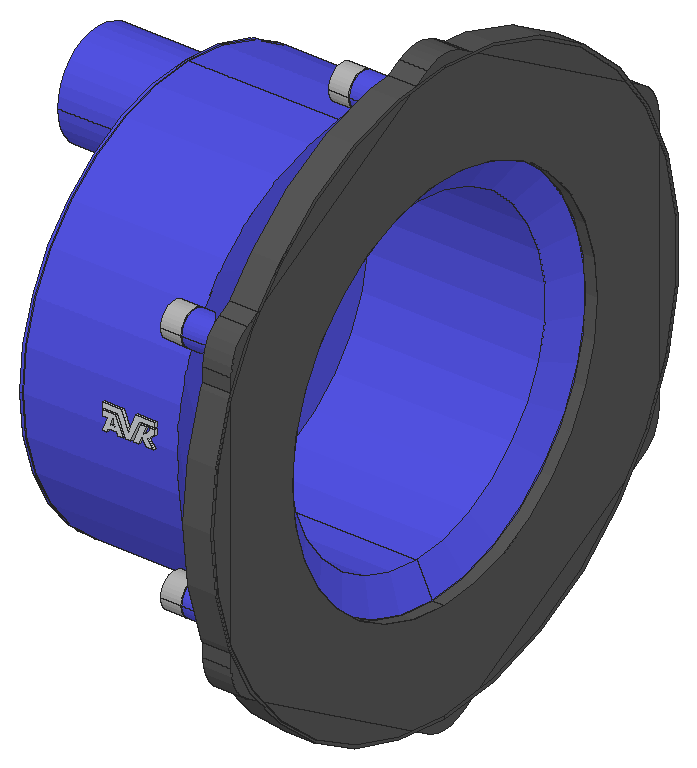
Revit family "634-00-001 DN200-250", category Pipe Accessories, Revit 2022
Family settings
  Round Connector Dimension = Use Diameter
  Part Type = Valve - Breaks Into
  Work Plane-Based = No
  Always vertical = Yes
  Cut with Voids When Loaded = No
  Shared = No
Parameters (values of type "DN250_PN16_AVK ref. no. 634-301-00-036")
  URL product pages = "https://www.avkvalves.com/P.aspx?no=63407100016"
  Thickness = 0 mm
  Search_table = "634-00-001 DN200-250"
  S2 = size_lookup(Search_table, "S2", 0 mm, DN) / 2  # 150.5 mm
  S1 = size_lookup(Search_table, "S1", 0 mm, DN) / 2  # 133 mm
  Radius = size_lookup(Search_table, "Radius", 0 mm, DN)  # 33 mm
  Nut = D2_L * 0.2  # 16.2 mm
  L1 = L * 0.5  # 68 mm
  L-L1 = 40.5 mm  # constant formula
  L = size_lookup(Search_table, "L", 0 mm, DN) / 2  # 136 mm
  FL_T = size_lookup(Search_table, "FL_T", 0 mm, DN)  # 22 mm
  Description_ = "AVK SUPA MAXI™ END CAP, PN16"
  Default Elevation = 0 mm
  DN250_PN16_AVK ref. no. 634-301-00-036 = "634-301-00-036"
  DN250_PN16_AVK ref. no. 634-301-00-016 = "634-301-00-016"
  DN225_PN16_AVK ref. no. 634-257-00-036 = "634-257-00-036"
  DN225_PN16_AVK ref. no. 634-257-00-016 = "634-257-00-016"
  DN200_PN16_AVK ref. no. 634-227-00-036 = "634-227-00-036"
  DN200_PN16_AVK ref. no. 634-227-00-016 = "634-227-00-016"
  DN = 250.2 mm
  D2_L = size_lookup(Search_table, "D2_L", 0 mm, DN)  # 81 mm
  D2 = size_lookup(Search_table, "D2", 0 mm, DN) / 2  # 40.5 mm
  D1_L = size_lookup(Search_table, "D1_L", 0 mm, DN)  # 81 mm
  D12 = Radius * 0.4  # 13.2 mm
  D11 = D * 0.8  # 190.4 mm
  D1 = size_lookup(Search_table, "D1", 0 mm, DN) / 2  # 162.5 mm
  D-10 = D - 10 mm  # 228 mm
  D = size_lookup(Search_table, "D", 0 mm, DN) / 2  # 238 mm
  Bore = DN / 2  # 125.1 mm
  Bolt_L = D2_L - Nut  # 64.8 mm
  2 = 2 mm  # constant formula
  10 = 10 mm  # constant formula
Types (7, lengths in mm): name | S2 | S1 | Radius | L1 | L | FL_T | DN | D1_L | D12 | D11 | D1 | D-10 | D | Bore
  (no name) | 150.5 | 133 | 33 | 68 | 136 | 22 | 250.2 | 81 | 13.2 | 190.4 | 162.5 | 228 | 238 | 125.1
  DN200_PN16_AVK ref. no. 634-227-00-016 | 113.5 | 96.5 | 25 | 64.75 | 129.5 | 20 | 200.1 | 65 | 10 | 155.6 | 125 | 184.5 | 194.5 | 100.05
  DN200_PN16_AVK ref. no. 634-227-00-036 | 113.5 | 96.5 | 25 | 64.75 | 129.5 | 20 | 200.2 | 65 | 10 | 155.6 | 125 | 184.5 | 194.5 | 100.1
  DN225_PN16_AVK ref. no. 634-257-00-016 | 128.5 | 112 | 30 | 69.25 | 138.5 | 20 | 225.1 | 81 | 12 | 174.8 | 141 | 208.5 | 218.5 | 112.55
  DN225_PN16_AVK ref. no. 634-257-00-036 | 128.5 | 112 | 30 | 69.25 | 138.5 | 20 | 225.2 | 81 | 12 | 174.8 | 141 | 208.5 | 218.5 | 112.6
  DN250_PN16_AVK ref. no. 634-301-00-016 | 150.5 | 133 | 33 | 68 | 136 | 22 | 250.1 | 81 | 13.2 | 190.4 | 162.5 | 228 | 238 | 125.05
  DN250_PN16_AVK ref. no. 634-301-00-036 | 150.5 | 133 | 33 | 68 | 136 | 22 | 250.2 | 81 | 13.2 | 190.4 | 162.5 | 228 | 238 | 125.1
Reference planes
  plane 1 "Center (Front/Back)": y = 0
  plane 2: z = 0
  plane 3 "Center (Left/Right)": x = 0
  plane 4: x = -136
  plane 5: z = 238
  plane 6: z = -238
  plane 7: z = 125.1
  plane 8: z = -125.1
  plane 9: x = 136
  plane 10: y = 238
  plane 11: y = -238
  plane 12: x = 126
  plane 13: z = 228
  plane 14: x = -68
  plane 15: z = 162.5
  plane 16: x = -77.5
  plane 17: x = -27.5
  plane 18: x = 55
  plane 19: z = 150.5
  plane 20: z = -150.5
  plane 21: through (4267.2, 0.015, 0.037) normal (0, 0.3827, 0.9239)
  plane 22: through (4267.2, -0.015, 0.037) normal (0, 0.3827, -0.9239)
  plane 23: through (4267.2, 0, 0.044) normal (0, -0.7071, 0.7071)
  plane 24: through (4267.2, 0, 0.044) normal (0, -0.7071, -0.7071)
  plane 25: through (4267.2, -290.001, 46.626) normal (0, -0.7071, 0.7071)
  plane 26: through (4267.2, 46.582, -289.957) normal (0, -0.7071, 0.7071)
  plane 27: through (0, 0, 0) normal (0, -0.866, 0.5)
  plane 28: through (4267.2, 0.006, 0.028) normal (0, 0.9239, 0.3827)
  plane 29: through (4267.2, -0.006, 0.028) normal (0, 0.9239, -0.3827)
  plane 30: through (0, 0, 0) normal (0, 0.5, -0.866)
  plane 31: through (0, 0, 0) normal (0, 0.5, 0.866)
  plane 32: y = 0
  plane 33: through (0, 0, 0) normal (0, 0.866, -0.5)
  plane 34: through (0, 0, 0) normal (0, 0.866, 0.5)
  plane 35: through (0, 0, 0) normal (0, 0.5, -0.866)
  plane 36: through (0, 0, 0) normal (0, 0.5, 0.866)
  plane 37: through (0, 0, 0) normal (0, 0.866, 0.5)
  plane 38: through (0, 0, 0) normal (0, 0.866, -0.5)
Forms (mm)
  Revolve 1, solid, material "Default Roof"
    sketch origin (0, 0, 0) x (1, 0, 0) y (0, 0, 1)
      loop
        line (126, 228) -> (114, 228) -> (55, 162.5) -> (-68, 162.5) -> (-68, 126.05) -> (114, 126.05) -> (126, 150.5) -> (126, 228)
      axis (-68, 0) -> (126, 0)
    angle from 0 to 360
  Extrusion 2, solid, material "Default Roof"
    sketch origin (0, 0, 0) x (1, 0, 0) y (0, 1, 0)
      loop
        circle (-85.5, 0) r 40.5
    from 0 to -162.5
  Extrusion 3, solid, material "Default Roof"
    sketch origin (0, 0, 0) x (0, 1, 0) y (0, 0, 1)
      loop
        circle (0, 122) r 40.5
    from -136 to -68
  Extrusion 4, solid, material "Default Roof"
    sketch origin (136, -1524, 1660.765) x (0, 0, 1) y (0, -1, 0)
      loop
        circle (-1660.765, -1524) r 150.5
    from -163.5 to -161.5
  Extrusion 5, solid, material "Default Wall"
    sketch origin (136, -1524, 1660.765) x (0, 0, 1) y (0, -1, 0)
      loop
        circle (-1660.765, -1524) r 150.5
      loop
        circle (-1660.765, -1524) r 228
    from -22 to 0
  Revolve 6, solid, material "Default Wall"
    sketch origin (0, 0, 0) x (1, 0, 0) y (0, 0, 1)
      loop
        line (114, 230) -> (114, 228) -> (136, 228) -> (136, 230) -> (114, 230)
      axis (114, 0) -> (136, 0)
    angle from 0 to 360
  Extrusion 7, solid, material "Default Roof"
    sketch origin (0, 0, 0) x (0, 1, 0) y (0, 0, 1)
      loop
        circle (0, 190.4) r 13.2
      loop
        circle (0, -190.4) r 13.2
      loop
        circle (164.891, 95.2) r 13.2
      loop
        circle (-164.891, -95.2) r 13.2
      loop
        circle (164.891, -95.2) r 10
      loop
        circle (-164.891, 95.2) r 13.2
    from 71.2 to 114
  Extrusion 8, solid, material "Poche"
    sketch origin (0, 0, 0) x (0, 1, 0) y (0, 0, 1)
      loop
        circle (0, 190.4) r 13.2
      loop
        circle (-164.891, 95.2) r 13.2
      loop
        circle (-164.891, -95.2) r 13.2
      loop
        circle (0, -190.4) r 13.2
      loop
        circle (164.891, -95.2) r 10
      loop
        circle (164.891, 95.2) r 13.2
    from 55 to 71.2
  Extrusion 9, solid, material "Default Roof"
    sketch origin (0, 0, 0) x (0, 1, 0) y (0, 0, 1)
      loop
        circle (0, 0) r 162.5
    from -68 to -66
  Extrusion 10, solid, material "Default Wall"
    sketch origin (0, 0, 0) x (0, 1, 0) y (0, 0, 1)
      loop
        line (-16.5, 233.579) -> (-194.035, 131.079)
        arc (-194.035, 131.079) -> (-206.114, 119) -> (-210.535, 102.5) r 33
        line (-210.535, 102.5) -> (-210.535, -102.5)
        arc (-210.535, -102.5) -> (-206.114, -119) -> (-194.035, -131.079) r 33
        line (-194.035, -131.079) -> (-16.5, -233.579)
        arc (-16.5, -233.579) -> (0, -238) -> (16.5, -233.579) r 33
        line (16.5, -233.579) -> (194.035, -131.079)
        arc (194.035, -131.079) -> (206.114, -119) -> (210.535, -102.5) r 33
        line (210.535, -102.5) -> (210.535, 102.5)
        arc (210.535, 102.5) -> (206.114, 119) -> (194.035, 131.079) r 33
        line (194.035, 131.079) -> (16.5, 233.579)
        arc (16.5, 233.579) -> (0, 238) -> (-16.5, 233.579) r 33
      loop
        circle (0, 0) r 150.5
    from 114 to 136
Dimensions and locks
  equal spacing: plane 7, level, plane 8
  equal spacing: plane 5, level, plane 6
  equal spacing: plane 9, plane 3 "Center (Left/Right)", plane 4
  equal spacing: plane 10, plane 1 "Center (Front/Back)", plane 11
  "L": plane 3 "Center (Left/Right)" to plane 4
  "D": plane 5 to level
  "Bore": plane 7 to level
  "D": plane 10 to plane 1 "Center (Front/Back)"
  "10": plane 9 to Revolve 1 sketch curve
  "10": plane 5 to Revolve 1 sketch curve
  "10": plane 5 to plane 13
  "10": plane 9 to plane 12
  "L1": plane 3 "Center (Left/Right)" to plane 14
  "FL_T": plane 9 to Revolve 1 sketch curve  (x2)
  "D1": Revolve 1 sketch curve to level
  "D1": level to Extrusion 2
  "D1": plane 15 to level
  "D2": plane 15 to Extrusion 3 sketch curve
  equal spacing: Extrusion 3 sketch curve, plane 1 "Center (Front/Back)", Extrusion 3 sketch curve
  "10": plane 4 to Extrusion 2 sketch curve
  equal spacing: Extrusion 2 sketch curve, plane 1 "Center (Front/Back)", Extrusion 2 sketch curve
  equal spacing: Extrusion 4 sketch curve, plane 1 "Center (Front/Back)", Extrusion 4 sketch curve
  equal spacing: Extrusion 4 sketch curve, level, Extrusion 4 sketch curve
  "D2": Extrusion 4 to plane 14
  "D2": plane 17 to plane 14
  "2": Extrusion 4 to plane 17
  equal spacing: Extrusion 5 sketch curve, plane 1 "Center (Front/Back)", Extrusion 5 sketch curve  (x2)
  equal spacing: Extrusion 5 sketch curve, level, Extrusion 5 sketch curve
  "10": plane 5 to Extrusion 5 sketch curve
  "FL_T": plane 9 to Extrusion 5
  "2": Revolve 6 sketch curve to plane 13
  "FL_T": plane 9 to Revolve 6 sketch curve
  "FL_T": plane 9 to Extrusion 7
  "D2_L": plane 9 to plane 18
  "D2_L": plane 9 to Revolve 1 sketch curve
  "Nut": Extrusion 7 to plane 18
  "Nut": Extrusion 8 to plane 18
  plane 9 to plane 4 = 272 mm
  plane 5 to level = 238 mm
  "S2": Revolve 1 sketch curve to level
  equal spacing: plane 19, level, plane 20
  "S2": level to plane 20
  plane 19 to plane 20 = 301 mm
  equal spacing: plane 25, plane 23, plane 26
  "D": plane 25 to plane 23
  plane 25 to plane 26 = 476 mm
  equal spacing: Extrusion 7 sketch curve, plane 1 "Center (Front/Back)", Extrusion 7 sketch curve  (x2)
  "D11": Extrusion 7 sketch curve to level
  equal spacing: Extrusion 7 sketch curve, level, Extrusion 7 sketch curve
  equal spacing: Extrusion 9 sketch curve, plane 1 "Center (Front/Back)", Extrusion 9 sketch curve
  equal spacing: Extrusion 9 sketch curve, level, Extrusion 9 sketch curve
  "2": Extrusion 9 to plane 14
  plane 5 to plane 6 = 476 mm  (x2)
  "D": level to Extrusion 10 sketch curve
  equal spacing: Extrusion 10 sketch curve, plane 1 "Center (Front/Back)", Extrusion 10 sketch curve  (x2)
  equal spacing: Extrusion 10 sketch curve, plane 34, Extrusion 10 sketch curve
  "D": Extrusion 10 sketch curve to plane 34
  equal spacing: Extrusion 10 sketch curve, plane 30, Extrusion 10 sketch curve  (x2)
  equal spacing: Extrusion 10 sketch curve, plane 31, Extrusion 10 sketch curve  (x2)
  equal spacing: Extrusion 10 sketch curve, plane 33, Extrusion 10 sketch curve
  "D": Extrusion 10 sketch curve to plane 33
  "D": Extrusion 10 sketch curve to level
  equal spacing: Extrusion 10 sketch curve, plane 32, Extrusion 10 sketch curve
  equal spacing: Extrusion 10 sketch curve, level, Extrusion 10 sketch curve
  "FL_T": plane 9 to Extrusion 10
  equal spacing: Extrusion 7 sketch curve, plane 35, Extrusion 7 sketch curve  (x2)
  "D11": plane 37 to Extrusion 7 sketch curve
  "D11": Extrusion 7 sketch curve to plane 37
  equal spacing: Extrusion 7 sketch curve, plane 36, Extrusion 7 sketch curve  (x2)
  "D11": plane 38 to Extrusion 7 sketch curve
  "D11": Extrusion 7 sketch curve to plane 38
  "D2": radius of Extrusion 2 sketch curve
  "D2": radius of Extrusion 3 sketch curve
  "S2": radius of Extrusion 4 sketch curve
  "S2": radius of Extrusion 5 sketch curve
  "D12": radius of Extrusion 7 sketch curve  (x5)
  "D1": radius of Extrusion 9 sketch curve
  "Radius": radius of Extrusion 10 sketch curve  (x6)
  "S2": radius of Extrusion 10 sketch curve
  radius of Extrusion 7 sketch curve = 10 mm
  aligned and locked: level to plane 2
  aligned and locked: Revolve 1 sketch curve to level
  aligned and locked: Revolve 1 to plane 14
  aligned and locked: Extrusion 2 to level
  aligned and locked: Extrusion 3 to plane 4
  aligned and locked: Extrusion 3 to Revolve 1
  aligned and locked: plane 9 to Extrusion 5
  aligned and locked: plane 13 to Revolve 6 sketch curve
  aligned and locked: Revolve 6 sketch curve to plane 9
  aligned and locked: Revolve 6 sketch curve to level
  aligned and locked: Extrusion 8 to plane 18
  aligned and locked: Extrusion 9 to plane 14
  aligned and locked: plane 9 to Extrusion 10
  aligned and locked: Extrusion 8 sketch curve to Extrusion 7  (x12)
Automatic sketch dimensions
  Revolve 1 sketch curve to plane 14 = 0 mm
  plane 7 to Revolve 1 sketch curve = 0.95 mm
  plane 18 to Revolve 1 sketch curve = 2.524 mm
  plane 9 to Revolve 1 sketch curve = 55 mm
  Extrusion 5 sketch curve to Extrusion 5 sketch curve = 0 mm
  Revolve 6 sketch curve to plane 4 = 150.058 mm
  plane 9 to Revolve 6 sketch curve = 329.942 mm
  radius of Extrusion 7 sketch curve = 10 mm
Nested families
  nested 1: "logo small-1 - Copy" at (18.913, -162.475, 2.841) x (1, 0, 0) z (0, -0.9998, 0.0175), type "logo small-1 - Copy"
Connectors
  piping at (136, 0, 0), diameter 250.2, driven by "DN"
    settings: on Extrusion 5, index 2, connector inside diameter 609.6 mm, connector length 0 mm, flow factor 0, pipe flow 0.0 L/s, pressure drop 0.0 Pa, fitting loss kfactor 0, connector angle 0.00°, fixture units 0, engagement length 0 mm, angle of deflection 0.00°, flow configuration 0, flow direction 0, fitting loss method 0, system type 7, joint type 0, gender type 0, connector reference index -1, connector utility 0, adjustable connector no, is connector primary yes, connector description ""
  piping at (-68, 0, 0), diameter 250.2, driven by "DN"
    settings: on Revolve 1, index 3, connector inside diameter 609.6 mm, connector length 0 mm, flow factor 0, pipe flow 0.0 L/s, pressure drop 0.0 Pa, fitting loss kfactor 0, connector angle 0.00°, fixture units 0, engagement length 0 mm, angle of deflection 0.00°, flow configuration 0, flow direction 0, fitting loss method 0, system type 7, joint type 0, gender type 0, connector reference index -1, connector utility 0, adjustable connector no, is connector primary no, connector description ""
Definition of nested family "logo small-1 - Copy"
  Parameters
    Default Elevation = 1219.2 mm
  Reference planes
    plane 1 "Center (Front/Back)": y = 0
    plane 2: z = 0
    plane 3 "Center (Left/Right)": x = 0
  Forms (mm)
    Extrusion 1, solid
      sketch origin (0, 0, 0) x (1, 0, 0) y (0, 1, 0)
        loop
          line (-26.697, 30) -> (-26.697, -20.859) -> (26.519, -20.859) -> (26.519, 30) -> (-26.697, 30)
      from 0 to -304.8
    Extrusion 2, solid
      sketch origin (0, 0, 0) x (1, 0, 0) y (0, 1, 0)
        loop
          line (-20.607, 8.379) -> (-20.607, 4.302) -> (-16.724, 4.302) -> (-20.607, -5.729) -> (-16.724, -5.729) -> (-15.818, -3.389) -> (-9.104, -3.389) -> (-8.117, -5.729) -> (-3.91, -5.729) -> (-9.864, 8.379) -> (-20.607, 8.379)
        loop
          line (-12.518, 5.079) -> (-14.33, 0) -> (-10.641, 0) -> (-12.518, 5.079)
        loop
          line (-8.635, 9.738) -> (-2.292, -5.729) -> (2.173, -5.729) -> (8.451, 9.738) -> (20.488, 9.738) -> (20.488, 13.686) -> (5.312, 13.686) -> (0, 0) -> (-5.463, 13.686) -> (-20.607, 13.686) -> (-20.607, 9.738) -> (-8.635, 9.738)
        loop
          line (20.488, 4.302) -> (20.488, 8.379) -> (16.605, 8.379)
          arc (16.605, 8.379) -> (15.328, 4.717) -> (11.816, 3.072) r 4.995
          line (11.816, 3.072) -> (13.952, 8.379) -> (9.68, 8.379) -> (3.921, -5.729) -> (8.29, -5.729) -> (10.518, -0.27) -> (14.236, -5.729) -> (19.616, -5.729) -> (14.879, 0.432)
          arc (14.879, 0.432) -> (17.563, 1.981) -> (19.616, 4.302) r 9.637
          line (19.616, 4.302) -> (20.488, 4.302)
      from 0 to 2
  Dimensions and locks
    aligned and locked: plane 2 to Extrusion 1
    aligned and locked: level to Extrusion 1
    aligned and locked: Extrusion 2 sketch curve to import instance  (x36)
    aligned and locked: plane 1 "Center (Front/Back)" to Extrusion 2 sketch curve
